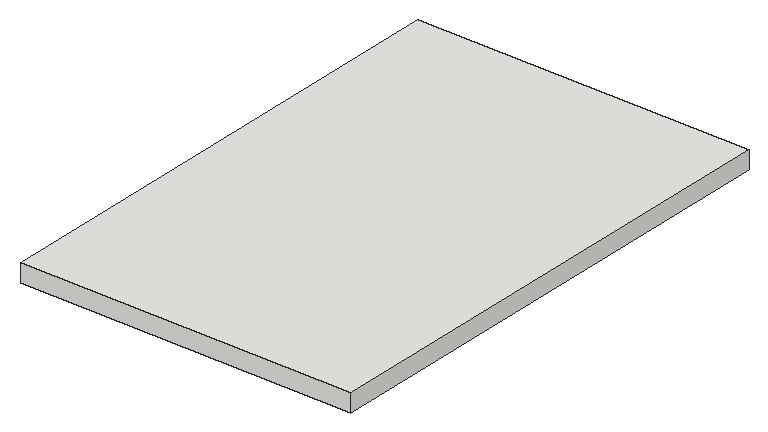
Revit family "SURVIVOR160xxWS8xxKx", category Oprawy oświetleniowe, Revit 2019
Family settings
  Obiekt nadrzędny = Powierzchnia
  Wymiar okrągłego złącza = Użyj średnicy
  Typ części = Normalny
  Numer OmniClass = 23.80.70.11
  Tytuł OmniClass = Luminaries for Internal Lighting
  Tnij formami wycięć po wczytaniu = Nie
  Źródło światła = Tak
  Współdzielony = Nie
  Punkt obliczania pomieszczeń = Nie
Parameters (values of type "SURVIVOR160DAWS830K0650")
  width = 240 mm  # constant formula
  weight = "13,2"
  voltage type (AC, DC, UC) = "AC"
  rated input power = 43
  product name = "SURVIVOR160DAWS830K0650"
  nominal voltage = "230"
  nominal frequency = "50-60Hz"
  length = 1600 mm  # constant formula
  ingress protection (IP) code = "IP65"
  height = 73 mm  # constant formula
  electrical safety class = "1"
  control gear = ""
  conformity mark = "CE"  # constant formula
  brand = "RIDI"
  approval mark = ""
  built-in parameter 1150104 = 13.8 (stored number, unit not read)
  Wattage = 46.7881 W
  Emituj z szerokości prostokąta = 1528 mm
  Emituj z długości prostokąta = 181 mm  # constant formula
  Default Elevation = 0 mm
  built-in parameter 1150113 = 1 (stored number, unit not read)
  built-in parameter 1114218 = 1 (stored number, unit not read)
  URL = "www.ridi.de"
  built-in parameter 1150134 = (empty or 0)
  built-in parameter 1150109 = 1 (stored number, unit not read)
  built-in parameter 1150110 = 1 (stored number, unit not read)
  Apparent Load = 43 VA
  Tilt Angle = 90.00°
  Model = "0632218"
  built-in parameter 1114217 = 1 (stored number, unit not read)
  built-in parameter 1150139 = (empty or 0)
  built-in parameter 1150105 = 553.06 (stored number, unit not read)
  built-in parameter 1150114 = 1 (stored number, unit not read)
  Lumens = 6950 lm
  built-in parameter 1150115 = 1 (stored number, unit not read)
  built-in parameter 1150112 = 1 (stored number, unit not read)
  Lampa = "LED"
  Producent = "RIDI Leuchten GmbH"  # constant formula
  Dimming Lamp Color Temperature Shift = (empty or 0)
  Color Filter = 16777215
  built-in parameter 1150133 = 10 (stored number, unit not read)
  Emit Shape Visible in Rendering = no
  built-in parameter 1150137 = (empty or 0)
  built-in parameter 1150132 = 2
  Plik sieci fotometrycznej = "SURVIVOR160DAWS840K0700.IES"
  Copyright = "© RIDI. All rights reserved."  # constant formula
  built-in parameter 1150106 = 5.5306 (stored number, unit not read)
  Kod zespołu = "D5020200"
  built-in parameter 1150107 = 3000 (stored number, unit not read)
  built-in parameter 1150102 = (empty or 0)
  built-in parameter 1150138 = (empty or 0)
Types (5, lengths in mm): name | product name | Wattage | built-in parameter 1150134 | Model | built-in parameter 1150105 | Lumens | built-in parameter 1150106 | built-in parameter 1150107
  (no name) | "SURVIVOR160DAWS830K0650" | 46.7881 W | (empty or 0) | "0632218" | 553.06 (stored number, unit not read) | 6950 lm | 5.5306 (stored number, unit not read) | 3000 (stored number, unit not read)
  SURVIVOR160DAWS830K0650 | "SURVIVOR160DAWS830K0650" | 46.7881 W | (empty or 0) | "0632218" | 553.06 (stored number, unit not read) | 6950 lm | 5.5306 (stored number, unit not read) | 3000 (stored number, unit not read)
  SURVIVOR160NDWS830K0650-RF | "SURVIVOR160NDWS830K0650-RF" | 46.7881 W | (empty or 0) | "0622218//420" | 553.06 (stored number, unit not read) | 6950 lm | 5.5306 (stored number, unit not read) | 3000 (stored number, unit not read)
  SURVIVOR160NDWS840K0700-RF | "SURVIVOR160NDWS840K0700-RF" | 49.3463 W | 12 | "0622222//420" | 583.3 (stored number, unit not read) | 7330 lm | 5.833 (stored number, unit not read) | 4000 (stored number, unit not read)
  SURVIVOR160DAWS840K0700 | "SURVIVOR160DAWS840K0700" | 49.3463 W | 12 | "0632222" | 583.3 (stored number, unit not read) | 7330 lm | 5.833 (stored number, unit not read) | 4000 (stored number, unit not read)
Reference planes
  plane 1 "Mitte (Vorne/hinten)": y = 0
  plane 2: z = 0
  plane 3 "Mitte (Links/rechts)": x = 0
  plane 4: z = 1600
Forms (mm)
  Extrusion 1, solid
    sketch origin (219.2, 280.8, 0) x (1, 0, 0) y (0, 1, 0)
      loop
        line (-1219.2, 1219.2) -> (-1219.2, -1780.8) -> (780.8, -1780.8) -> (780.8, 1219.2) -> (-1219.2, 1219.2)
    from 0 to -107.307
Dimensions and locks
  plane 4 to Extrusion 1 = 1600 mm
  locked: imposter light to import instance at 24
  aligned and locked: plane 2 to Extrusion 1
  aligned and locked: level to Extrusion 1
Connectors
  electrical at (108.647, -793.25, 4.03), driven by "Apparent Load"
    settings: on import instance, index 1, voltage 230 V, apparent load 0 VA, apparent load phase1 43 VA, apparent load phase2 0 VA, apparent load phase3 0 VA, power factor 1, load classification "Lighting", number of poles 1, system type 31, power factor state 1, is connector primary yes, connector utility no, sub classification motor no, connector description ""
